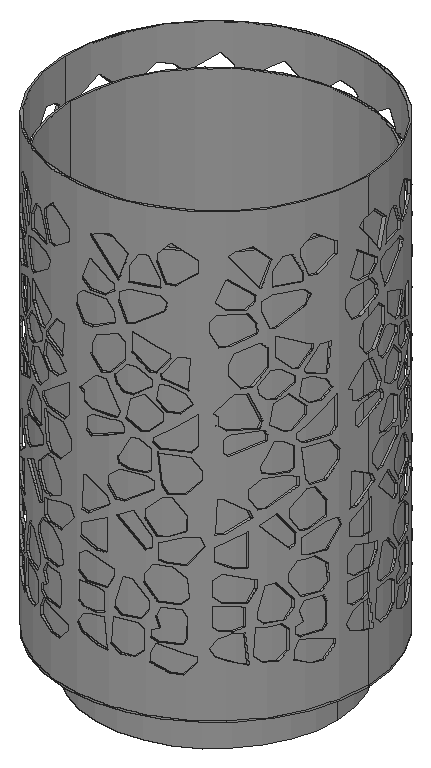
Revit family "Урна «Филигран» Арт 14824", category Антураж, Revit 2018
Family settings
  На основе рабочей плоскости = Нет
  Всегда вертикально = Да
  При загрузке вырезать с полостями = Нет
  Источник визуального образа = Геометрия семейства
  Общий = Нет
  Точка расчета площади = Нет
Parameters (values of type "Урна «Филигран»")
  Ширина = 400 mm  # constant formula
  Цвет урны = Сталь
  Цвет контейнера = Нержавеющая сталь
  Описание = "Урна «Филигран»"  # constant formula
  Материал изделия = "Сталь"  # constant formula
  Изображение типоразмера = Урна «Филигран» Арт 14824.jpg
  Изготовитель = "ООО «Хоббика»"  # constant formula
  Длина = 400 mm  # constant formula
  Диаметр = 320 mm  # constant formula
  Группа модели = "Уличные урны"  # constant formula
  Высота = 651 mm  # constant formula
  Артикул товара = "Арт. 14824"  # constant formula
  URL = "https://hobbyka.ru/product/urna_filigran/"
Reference planes
  plane 1 "По центру (Вперед/Назад)": y = 0
  plane 2: z = 0
  plane 3 "По центру (Влево/Вправо)": x = 0
  plane 4: y = 400
  plane 5: x = 400
  plane 6: z = 651
Forms (mm)
  Extrusion 1, solid, material "Сталь" <- "Цвет урны"
    sketch origin (0, 0, 0) x (1, 0, 0) y (0, 1, 0)
      loop
        circle (200, 200) r 160
    from 0 to 55
  Extrusion 2, solid, material "Сталь" <- "Цвет урны"
    sketch origin (0, 0, 0) x (1, 0, 0) y (0, 1, 0)
      loop
        circle (200, 200) r 160
      loop
        circle (200, 200) r 200
    from 53 to 55
  Extrusion 3, solid, material "Сталь" <- "Цвет урны"
    sketch origin (0, 0, 0) x (1, 0, 0) y (0, 1, 0)
      loop
        circle (200, 200) r 200
      loop
        circle (200, 200) r 198
    from 55 to 651
  Extrusion 4, void
    sketch origin (0, 0, 0) x (0, 1, 0) y (0, 0, 1)
      loop
        line (330.099, 598.199) -> (324.338, 603.96) -> (309.849, 607.842) -> (292.172, 590.165) -> (302.405, 556.694) -> (330.099, 598.199)
      loop
        line (331.565, 572.199) -> (306.588, 550.486) -> (306.588, 543.012) -> (315.004, 534.595) -> (330.004, 534.595) -> (340.004, 544.595) -> (331.565, 572.199)
      loop
        line (271.997, 593.329) -> (259.609, 567.602) -> (259.609, 557.602) -> (291.997, 557.602) -> (291.997, 576.008) -> (281.997, 593.329) -> (271.997, 593.329)
      loop
        line (263.865, 596.784) -> (249.084, 611.564) -> (221.005, 593.329) -> (221.005, 578.329) -> (244.52, 562.638) -> (254.52, 562.638) -> (263.865, 588.313) -> (263.865, 596.784)
      loop
        line (338.256, 530.134) -> (314.186, 530.134) -> (305.86, 517.657) -> (304.817, 505.73) -> (327.998, 492.346) -> (337.03, 492.346) -> (344.127, 509.912) -> (344.127, 520.885) -> (338.256, 530.134)
      loop
        line (302.477, 532.576) -> (302.477, 542.782) -> (291.997, 548.832) -> (259.609, 548.832) -> (252.478, 541.701) -> (256.014, 530.134) -> (287.09, 509.399) -> (294.041, 509.399) -> (302.477, 532.576)
      loop
        line (325.379, 483.851) -> (302.909, 494.81) -> (294.817, 486.717) -> (294.817, 464.721) -> (309.862, 444.755) -> (319.71, 443.018) -> (329.953, 458.369) -> (329.953, 470.468) -> (325.379, 483.851)
      loop
        line (289.571, 501.315) -> (249.804, 481.472) -> (249.804, 476.472) -> (263.905, 457.759) -> (271.014, 457.759) -> (289.571, 476.315) -> (289.571, 501.315)
      loop
        line (293.8, 460.671) -> (283.8, 460.671) -> (267.828, 448.635) -> (267.828, 440.724) -> (287.22, 426.819) -> (297.22, 426.819) -> (304.291, 433.89) -> (306.028, 443.738) -> (293.8, 460.671)
      loop
        line (324.947, 436.426) -> (314.155, 436.426) -> (300.527, 402.695) -> (303.544, 394.405) -> (329.953, 394.405) -> (337.641, 399.957) -> (337.641, 411.353) -> (341.177, 414.888) -> (324.947, 436.426)
      loop
        line (291.517, 421.116) -> (275.661, 430.271) -> (256.558, 411.169) -> (256.558, 401.169) -> (271.42, 386.307) -> (279.987, 386.307) -> (294.774, 397.45) -> (291.517, 421.116)
      loop
        line (242.144, 479.142) -> (228.742, 479.142) -> (231.423, 440.807) -> (258.912, 450.813) -> (259.78, 455.737) -> (242.144, 479.142)
      loop
        line (262.222, 444.581) -> (250.875, 444.581) -> (234.533, 436.426) -> (225.792, 424.236) -> (239.203, 413.376) -> (253.258, 413.376) -> (264.912, 425.03) -> (262.222, 444.581)
      loop
        line (328.105, 389.466) -> (304.437, 391.953) -> (299.437, 391.953) -> (296.307, 386.307) -> (296.307, 379.383) -> (329.531, 363.89) -> (334.106, 368.465) -> (334.106, 383.465) -> (328.105, 389.466)
      loop
        line (289.928, 376.462) -> (281.265, 376.462) -> (269.104, 367.68) -> (269.104, 341.458) -> (274.563, 338.432) -> (291.767, 338.432) -> (302.363, 342.289) -> (303.116, 349.45) -> (289.928, 376.462)
      loop
        line (313.565, 313.251) -> (313.565, 323.629) -> (301.654, 335.54) -> (276.654, 335.54) -> (265.371, 330.031) -> (265.371, 320.031) -> (296.307, 299.941) -> (304.921, 299.941) -> (313.565, 313.251)
      loop
        line (334.355, 315.121) -> (313.333, 299.941) -> (309.912, 290.544) -> (332.16, 272.528) -> (339.736, 273.191) -> (338.272, 315.121) -> (334.355, 315.121)
      loop
        line (304.364, 280.985) -> (287.591, 291.877) -> (267.876, 264.742) -> (267.876, 252.15) -> (274.675, 248.381) -> (304.364, 280.985)
      loop
        line (340.864, 257.281) -> (313.565, 275.01) -> (313.565, 232.674) -> (324.051, 232.674) -> (340.864, 240.883) -> (340.864, 257.281)
      loop
        line (342.301, 219.272) -> (334.106, 227.467) -> (305.915, 217.206) -> (305.915, 207.206) -> (313.565, 191.538) -> (334.106, 191.538) -> (342.301, 199.734) -> (342.301, 219.272)
      loop
        line (221.038, 414.488) -> (221.038, 375.648) -> (228.109, 368.577) -> (260.467, 368.577) -> (267.828, 375.938) -> (267.828, 380.938) -> (221.038, 414.488)
      loop
        line (262.675, 363.36) -> (229.588, 363.36) -> (217.002, 347.817) -> (217.002, 335.54) -> (234.679, 317.862) -> (252.846, 317.862) -> (258.837, 326.841) -> (262.675, 363.36)
      loop
        line (275.915, 285.293) -> (275.915, 295.205) -> (257.452, 313.668) -> (247.452, 313.668) -> (232.758, 293.443) -> (232.758, 275.331) -> (252.499, 266.542) -> (263.738, 266.542) -> (275.915, 285.293)
      loop
        line (263.17, 238.702) -> (263.17, 258.265) -> (232.758, 269.335) -> (219.444, 269.335) -> (213.527, 258.66) -> (232.758, 235.741) -> (255.035, 235.741) -> (263.17, 238.702)
      loop
        line (342.301, 189.187) -> (322.301, 189.187) -> (316.173, 186.195) -> (316.173, 163.543) -> (325.236, 159.317) -> (336.963, 159.317) -> (342.301, 164.656) -> (342.301, 189.187)
      loop
        line (305.915, 172.132) -> (305.915, 179.069) -> (298.59, 210.798) -> (288.309, 210.798) -> (270.808, 189.187) -> (270.808, 177.916) -> (279.412, 165.629) -> (299.412, 165.629) -> (305.915, 172.132)
      loop
        line (337.821, 151.454) -> (327.999, 156.034) -> (316.173, 157.069) -> (312.888, 119.52) -> (323.106, 121.879) -> (339.663, 129.963) -> (343.889, 139.026) -> (337.821, 151.454)
      loop
        line (307.881, 161.682) -> (282.881, 161.682) -> (275.81, 154.611) -> (275.81, 129.611) -> (285.537, 119.884) -> (300.537, 119.884) -> (309.855, 129.202) -> (307.881, 161.682)
      loop
        line (276.9, 210.328) -> (276.9, 219.653) -> (267.782, 232.674) -> (247.782, 232.674) -> (232.461, 219.818) -> (230.428, 196.579) -> (239.557, 189.187) -> (263.17, 189.187) -> (276.9, 210.328)
      loop
        line (265.068, 173.096) -> (259.769, 183.949) -> (237.002, 183.949) -> (232.775, 174.886) -> (232.775, 149.886) -> (236.276, 142.717) -> (262.705, 142.717) -> (269.523, 147.492) -> (269.523, 155.165) -> (260.618, 159.317) -> (265.068, 173.096)
      loop
        line (270.808, 128.241) -> (264.729, 140.693) -> (253.788, 138.167) -> (222.145, 129.093) -> (222.145, 122.031) -> (236.288, 107.889) -> (250.456, 107.889) -> (270.808, 117.825) -> (270.808, 128.241)
    from 0 to 73.305
  Extrusion 5, void
    sketch origin (191.752, -82.722, 0) x (-0.686185, 0.727427, 0) y (0, 0, 1)
      loop
        line (330.099, 598.199) -> (324.338, 603.96) -> (309.849, 607.842) -> (292.172, 590.165) -> (302.405, 556.694) -> (330.099, 598.199)
      loop
        line (331.565, 572.199) -> (306.588, 550.486) -> (306.588, 543.012) -> (315.004, 534.595) -> (330.004, 534.595) -> (340.004, 544.595) -> (331.565, 572.199)
      loop
        line (271.997, 593.329) -> (259.609, 567.602) -> (259.609, 557.602) -> (291.997, 557.602) -> (291.997, 576.008) -> (281.997, 593.329) -> (271.997, 593.329)
      loop
        line (263.865, 596.784) -> (249.084, 611.564) -> (221.005, 593.329) -> (221.005, 578.329) -> (244.52, 562.638) -> (254.52, 562.638) -> (263.865, 588.313) -> (263.865, 596.784)
      loop
        line (338.256, 530.134) -> (314.186, 530.134) -> (305.86, 517.657) -> (304.817, 505.73) -> (327.998, 492.346) -> (337.03, 492.346) -> (344.127, 509.912) -> (344.127, 520.885) -> (338.256, 530.134)
      loop
        line (302.477, 532.576) -> (302.477, 542.782) -> (291.997, 548.832) -> (259.609, 548.832) -> (252.478, 541.701) -> (256.014, 530.134) -> (287.09, 509.399) -> (294.041, 509.399) -> (302.477, 532.576)
      loop
        line (325.379, 483.851) -> (302.909, 494.81) -> (294.817, 486.717) -> (294.817, 464.721) -> (309.862, 444.755) -> (319.71, 443.018) -> (329.953, 458.369) -> (329.953, 470.468) -> (325.379, 483.851)
      loop
        line (289.571, 501.315) -> (249.804, 481.472) -> (249.804, 476.472) -> (263.905, 457.759) -> (271.014, 457.759) -> (289.571, 476.315) -> (289.571, 501.315)
      loop
        line (293.8, 460.671) -> (283.8, 460.671) -> (267.828, 448.635) -> (267.828, 440.724) -> (287.22, 426.819) -> (297.22, 426.819) -> (304.291, 433.89) -> (306.028, 443.738) -> (293.8, 460.671)
      loop
        line (324.947, 436.426) -> (314.155, 436.426) -> (300.527, 402.695) -> (303.544, 394.405) -> (329.953, 394.405) -> (337.641, 399.957) -> (337.641, 411.353) -> (341.177, 414.888) -> (324.947, 436.426)
      loop
        line (291.517, 421.116) -> (275.661, 430.271) -> (256.558, 411.169) -> (256.558, 401.169) -> (271.42, 386.307) -> (279.987, 386.307) -> (294.774, 397.45) -> (291.517, 421.116)
      loop
        line (242.144, 479.142) -> (228.742, 479.142) -> (231.423, 440.807) -> (258.912, 450.813) -> (259.78, 455.737) -> (242.144, 479.142)
      loop
        line (262.222, 444.581) -> (250.875, 444.581) -> (234.533, 436.426) -> (225.792, 424.236) -> (239.203, 413.376) -> (253.258, 413.376) -> (264.912, 425.03) -> (262.222, 444.581)
      loop
        line (328.105, 389.466) -> (304.437, 391.953) -> (299.437, 391.953) -> (296.307, 386.307) -> (296.307, 379.383) -> (329.531, 363.89) -> (334.106, 368.465) -> (334.106, 383.465) -> (328.105, 389.466)
      loop
        line (289.928, 376.462) -> (281.265, 376.462) -> (269.104, 367.68) -> (269.104, 341.458) -> (274.563, 338.432) -> (291.767, 338.432) -> (302.363, 342.289) -> (303.116, 349.45) -> (289.928, 376.462)
      loop
        line (313.565, 313.251) -> (313.565, 323.629) -> (301.654, 335.54) -> (276.654, 335.54) -> (265.371, 330.031) -> (265.371, 320.031) -> (296.307, 299.941) -> (304.921, 299.941) -> (313.565, 313.251)
      loop
        line (334.355, 315.121) -> (313.333, 299.941) -> (309.912, 290.544) -> (332.16, 272.528) -> (339.736, 273.191) -> (338.272, 315.121) -> (334.355, 315.121)
      loop
        line (304.364, 280.985) -> (287.591, 291.877) -> (267.876, 264.742) -> (267.876, 252.15) -> (274.675, 248.381) -> (304.364, 280.985)
      loop
        line (340.864, 257.281) -> (313.565, 275.01) -> (313.565, 232.674) -> (324.051, 232.674) -> (340.864, 240.883) -> (340.864, 257.281)
      loop
        line (342.301, 219.272) -> (334.106, 227.467) -> (305.915, 217.206) -> (305.915, 207.206) -> (313.565, 191.538) -> (334.106, 191.538) -> (342.301, 199.734) -> (342.301, 219.272)
      loop
        line (221.038, 414.488) -> (221.038, 375.648) -> (228.109, 368.577) -> (260.467, 368.577) -> (267.828, 375.938) -> (267.828, 380.938) -> (221.038, 414.488)
      loop
        line (262.675, 363.36) -> (229.588, 363.36) -> (217.002, 347.817) -> (217.002, 335.54) -> (234.679, 317.862) -> (252.846, 317.862) -> (258.837, 326.841) -> (262.675, 363.36)
      loop
        line (275.915, 285.293) -> (275.915, 295.205) -> (257.452, 313.668) -> (247.452, 313.668) -> (232.758, 293.443) -> (232.758, 275.331) -> (252.499, 266.542) -> (263.738, 266.542) -> (275.915, 285.293)
      loop
        line (263.17, 238.702) -> (263.17, 258.265) -> (232.758, 269.335) -> (219.444, 269.335) -> (213.527, 258.66) -> (232.758, 235.741) -> (255.035, 235.741) -> (263.17, 238.702)
      loop
        line (342.301, 189.187) -> (322.301, 189.187) -> (316.173, 186.195) -> (316.173, 163.543) -> (325.236, 159.317) -> (336.963, 159.317) -> (342.301, 164.656) -> (342.301, 189.187)
      loop
        line (305.915, 172.132) -> (305.915, 179.069) -> (298.59, 210.798) -> (288.309, 210.798) -> (270.808, 189.187) -> (270.808, 177.916) -> (279.412, 165.629) -> (299.412, 165.629) -> (305.915, 172.132)
      loop
        line (337.821, 151.454) -> (327.999, 156.034) -> (316.173, 157.069) -> (312.888, 119.52) -> (323.106, 121.879) -> (339.663, 129.963) -> (343.889, 139.026) -> (337.821, 151.454)
      loop
        line (307.881, 161.682) -> (282.881, 161.682) -> (275.81, 154.611) -> (275.81, 129.611) -> (285.537, 119.884) -> (300.537, 119.884) -> (309.855, 129.202) -> (307.881, 161.682)
      loop
        line (276.9, 210.328) -> (276.9, 219.653) -> (267.782, 232.674) -> (247.782, 232.674) -> (232.461, 219.818) -> (230.428, 196.579) -> (239.557, 189.187) -> (263.17, 189.187) -> (276.9, 210.328)
      loop
        line (265.068, 173.096) -> (259.769, 183.949) -> (237.002, 183.949) -> (232.775, 174.886) -> (232.775, 149.886) -> (236.276, 142.717) -> (262.705, 142.717) -> (269.523, 147.492) -> (269.523, 155.165) -> (260.618, 159.317) -> (265.068, 173.096)
      loop
        line (270.808, 128.241) -> (264.729, 140.693) -> (253.788, 138.167) -> (222.145, 129.093) -> (222.145, 122.031) -> (236.288, 107.889) -> (250.456, 107.889) -> (270.808, 117.825) -> (270.808, 128.241)
    from 0 to 73.305
  Extrusion 6, void
    sketch origin (387.049, -12.162, 0) x (-0.998027, 0.062781, 0) y (0, 0, 1)
      loop
        line (330.099, 598.199) -> (324.338, 603.96) -> (309.849, 607.842) -> (292.172, 590.165) -> (302.405, 556.694) -> (330.099, 598.199)
      loop
        line (331.565, 572.199) -> (306.588, 550.486) -> (306.588, 543.012) -> (315.004, 534.595) -> (330.004, 534.595) -> (340.004, 544.595) -> (331.565, 572.199)
      loop
        line (271.997, 593.329) -> (259.609, 567.602) -> (259.609, 557.602) -> (291.997, 557.602) -> (291.997, 576.008) -> (281.997, 593.329) -> (271.997, 593.329)
      loop
        line (263.865, 596.784) -> (249.084, 611.564) -> (221.005, 593.329) -> (221.005, 578.329) -> (244.52, 562.638) -> (254.52, 562.638) -> (263.865, 588.313) -> (263.865, 596.784)
      loop
        line (338.256, 530.134) -> (314.186, 530.134) -> (305.86, 517.657) -> (304.817, 505.73) -> (327.998, 492.346) -> (337.03, 492.346) -> (344.127, 509.912) -> (344.127, 520.885) -> (338.256, 530.134)
      loop
        line (302.477, 532.576) -> (302.477, 542.782) -> (291.997, 548.832) -> (259.609, 548.832) -> (252.478, 541.701) -> (256.014, 530.134) -> (287.09, 509.399) -> (294.041, 509.399) -> (302.477, 532.576)
      loop
        line (325.379, 483.851) -> (302.909, 494.81) -> (294.817, 486.717) -> (294.817, 464.721) -> (309.862, 444.755) -> (319.71, 443.018) -> (329.953, 458.369) -> (329.953, 470.468) -> (325.379, 483.851)
      loop
        line (289.571, 501.315) -> (249.804, 481.472) -> (249.804, 476.472) -> (263.905, 457.759) -> (271.014, 457.759) -> (289.571, 476.315) -> (289.571, 501.315)
      loop
        line (293.8, 460.671) -> (283.8, 460.671) -> (267.828, 448.635) -> (267.828, 440.724) -> (287.22, 426.819) -> (297.22, 426.819) -> (304.291, 433.89) -> (306.028, 443.738) -> (293.8, 460.671)
      loop
        line (324.947, 436.426) -> (314.155, 436.426) -> (300.527, 402.695) -> (303.544, 394.405) -> (329.953, 394.405) -> (337.641, 399.957) -> (337.641, 411.353) -> (341.177, 414.888) -> (324.947, 436.426)
      loop
        line (291.517, 421.116) -> (275.661, 430.271) -> (256.558, 411.169) -> (256.558, 401.169) -> (271.42, 386.307) -> (279.987, 386.307) -> (294.774, 397.45) -> (291.517, 421.116)
      loop
        line (242.144, 479.142) -> (228.742, 479.142) -> (231.423, 440.807) -> (258.912, 450.813) -> (259.78, 455.737) -> (242.144, 479.142)
      loop
        line (262.222, 444.581) -> (250.875, 444.581) -> (234.533, 436.426) -> (225.792, 424.236) -> (239.203, 413.376) -> (253.258, 413.376) -> (264.912, 425.03) -> (262.222, 444.581)
      loop
        line (328.105, 389.466) -> (304.437, 391.953) -> (299.437, 391.953) -> (296.307, 386.307) -> (296.307, 379.383) -> (329.531, 363.89) -> (334.106, 368.465) -> (334.106, 383.465) -> (328.105, 389.466)
      loop
        line (289.928, 376.462) -> (281.265, 376.462) -> (269.104, 367.68) -> (269.104, 341.458) -> (274.563, 338.432) -> (291.767, 338.432) -> (302.363, 342.289) -> (303.116, 349.45) -> (289.928, 376.462)
      loop
        line (313.565, 313.251) -> (313.565, 323.629) -> (301.654, 335.54) -> (276.654, 335.54) -> (265.371, 330.031) -> (265.371, 320.031) -> (296.307, 299.941) -> (304.921, 299.941) -> (313.565, 313.251)
      loop
        line (334.355, 315.121) -> (313.333, 299.941) -> (309.912, 290.544) -> (332.16, 272.528) -> (339.736, 273.191) -> (338.272, 315.121) -> (334.355, 315.121)
      loop
        line (304.364, 280.985) -> (287.591, 291.877) -> (267.876, 264.742) -> (267.876, 252.15) -> (274.675, 248.381) -> (304.364, 280.985)
      loop
        line (340.864, 257.281) -> (313.565, 275.01) -> (313.565, 232.674) -> (324.051, 232.674) -> (340.864, 240.883) -> (340.864, 257.281)
      loop
        line (342.301, 219.272) -> (334.106, 227.467) -> (305.915, 217.206) -> (305.915, 207.206) -> (313.565, 191.538) -> (334.106, 191.538) -> (342.301, 199.734) -> (342.301, 219.272)
      loop
        line (221.038, 414.488) -> (221.038, 375.648) -> (228.109, 368.577) -> (260.467, 368.577) -> (267.828, 375.938) -> (267.828, 380.938) -> (221.038, 414.488)
      loop
        line (262.675, 363.36) -> (229.588, 363.36) -> (217.002, 347.817) -> (217.002, 335.54) -> (234.679, 317.862) -> (252.846, 317.862) -> (258.837, 326.841) -> (262.675, 363.36)
      loop
        line (275.915, 285.293) -> (275.915, 295.205) -> (257.452, 313.668) -> (247.452, 313.668) -> (232.758, 293.443) -> (232.758, 275.331) -> (252.499, 266.542) -> (263.738, 266.542) -> (275.915, 285.293)
      loop
        line (263.17, 238.702) -> (263.17, 258.265) -> (232.758, 269.335) -> (219.444, 269.335) -> (213.527, 258.66) -> (232.758, 235.741) -> (255.035, 235.741) -> (263.17, 238.702)
      loop
        line (342.301, 189.187) -> (322.301, 189.187) -> (316.173, 186.195) -> (316.173, 163.543) -> (325.236, 159.317) -> (336.963, 159.317) -> (342.301, 164.656) -> (342.301, 189.187)
      loop
        line (305.915, 172.132) -> (305.915, 179.069) -> (298.59, 210.798) -> (288.309, 210.798) -> (270.808, 189.187) -> (270.808, 177.916) -> (279.412, 165.629) -> (299.412, 165.629) -> (305.915, 172.132)
      loop
        line (337.821, 151.454) -> (327.999, 156.034) -> (316.173, 157.069) -> (312.888, 119.52) -> (323.106, 121.879) -> (339.663, 129.963) -> (343.889, 139.026) -> (337.821, 151.454)
      loop
        line (307.881, 161.682) -> (282.881, 161.682) -> (275.81, 154.611) -> (275.81, 129.611) -> (285.537, 119.884) -> (300.537, 119.884) -> (309.855, 129.202) -> (307.881, 161.682)
      loop
        line (276.9, 210.328) -> (276.9, 219.653) -> (267.782, 232.674) -> (247.782, 232.674) -> (232.461, 219.818) -> (230.428, 196.579) -> (239.557, 189.187) -> (263.17, 189.187) -> (276.9, 210.328)
      loop
        line (265.068, 173.096) -> (259.769, 183.949) -> (237.002, 183.949) -> (232.775, 174.886) -> (232.775, 149.886) -> (236.276, 142.717) -> (262.705, 142.717) -> (269.523, 147.492) -> (269.523, 155.165) -> (260.618, 159.317) -> (265.068, 173.096)
      loop
        line (270.808, 128.241) -> (264.729, 140.693) -> (253.788, 138.167) -> (222.145, 129.093) -> (222.145, 122.031) -> (236.288, 107.889) -> (250.456, 107.889) -> (270.808, 117.825) -> (270.808, 128.241)
    from 0 to 73.305
  Extrusion 7, void
    sketch origin (481.647, 174.018, 0) x (-0.769071, -0.639163, 0) y (0, 0, 1)
      loop
        line (330.099, 598.199) -> (324.338, 603.96) -> (309.849, 607.842) -> (292.172, 590.165) -> (302.405, 556.694) -> (330.099, 598.199)
      loop
        line (331.565, 572.199) -> (306.588, 550.486) -> (306.588, 543.012) -> (315.004, 534.595) -> (330.004, 534.595) -> (340.004, 544.595) -> (331.565, 572.199)
      loop
        line (271.997, 593.329) -> (259.609, 567.602) -> (259.609, 557.602) -> (291.997, 557.602) -> (291.997, 576.008) -> (281.997, 593.329) -> (271.997, 593.329)
      loop
        line (263.865, 596.784) -> (249.084, 611.564) -> (221.005, 593.329) -> (221.005, 578.329) -> (244.52, 562.638) -> (254.52, 562.638) -> (263.865, 588.313) -> (263.865, 596.784)
      loop
        line (338.256, 530.134) -> (314.186, 530.134) -> (305.86, 517.657) -> (304.817, 505.73) -> (327.998, 492.346) -> (337.03, 492.346) -> (344.127, 509.912) -> (344.127, 520.885) -> (338.256, 530.134)
      loop
        line (302.477, 532.576) -> (302.477, 542.782) -> (291.997, 548.832) -> (259.609, 548.832) -> (252.478, 541.701) -> (256.014, 530.134) -> (287.09, 509.399) -> (294.041, 509.399) -> (302.477, 532.576)
      loop
        line (325.379, 483.851) -> (302.909, 494.81) -> (294.817, 486.717) -> (294.817, 464.721) -> (309.862, 444.755) -> (319.71, 443.018) -> (329.953, 458.369) -> (329.953, 470.468) -> (325.379, 483.851)
      loop
        line (289.571, 501.315) -> (249.804, 481.472) -> (249.804, 476.472) -> (263.905, 457.759) -> (271.014, 457.759) -> (289.571, 476.315) -> (289.571, 501.315)
      loop
        line (293.8, 460.671) -> (283.8, 460.671) -> (267.828, 448.635) -> (267.828, 440.724) -> (287.22, 426.819) -> (297.22, 426.819) -> (304.291, 433.89) -> (306.028, 443.738) -> (293.8, 460.671)
      loop
        line (324.947, 436.426) -> (314.155, 436.426) -> (300.527, 402.695) -> (303.544, 394.405) -> (329.953, 394.405) -> (337.641, 399.957) -> (337.641, 411.353) -> (341.177, 414.888) -> (324.947, 436.426)
      loop
        line (291.517, 421.116) -> (275.661, 430.271) -> (256.558, 411.169) -> (256.558, 401.169) -> (271.42, 386.307) -> (279.987, 386.307) -> (294.774, 397.45) -> (291.517, 421.116)
      loop
        line (242.144, 479.142) -> (228.742, 479.142) -> (231.423, 440.807) -> (258.912, 450.813) -> (259.78, 455.737) -> (242.144, 479.142)
      loop
        line (262.222, 444.581) -> (250.875, 444.581) -> (234.533, 436.426) -> (225.792, 424.236) -> (239.203, 413.376) -> (253.258, 413.376) -> (264.912, 425.03) -> (262.222, 444.581)
      loop
        line (328.105, 389.466) -> (304.437, 391.953) -> (299.437, 391.953) -> (296.307, 386.307) -> (296.307, 379.383) -> (329.531, 363.89) -> (334.106, 368.465) -> (334.106, 383.465) -> (328.105, 389.466)
      loop
        line (289.928, 376.462) -> (281.265, 376.462) -> (269.104, 367.68) -> (269.104, 341.458) -> (274.563, 338.432) -> (291.767, 338.432) -> (302.363, 342.289) -> (303.116, 349.45) -> (289.928, 376.462)
      loop
        line (313.565, 313.251) -> (313.565, 323.629) -> (301.654, 335.54) -> (276.654, 335.54) -> (265.371, 330.031) -> (265.371, 320.031) -> (296.307, 299.941) -> (304.921, 299.941) -> (313.565, 313.251)
      loop
        line (334.355, 315.121) -> (313.333, 299.941) -> (309.912, 290.544) -> (332.16, 272.528) -> (339.736, 273.191) -> (338.272, 315.121) -> (334.355, 315.121)
      loop
        line (304.364, 280.985) -> (287.591, 291.877) -> (267.876, 264.742) -> (267.876, 252.15) -> (274.675, 248.381) -> (304.364, 280.985)
      loop
        line (340.864, 257.281) -> (313.565, 275.01) -> (313.565, 232.674) -> (324.051, 232.674) -> (340.864, 240.883) -> (340.864, 257.281)
      loop
        line (342.301, 219.272) -> (334.106, 227.467) -> (305.915, 217.206) -> (305.915, 207.206) -> (313.565, 191.538) -> (334.106, 191.538) -> (342.301, 199.734) -> (342.301, 219.272)
      loop
        line (221.038, 414.488) -> (221.038, 375.648) -> (228.109, 368.577) -> (260.467, 368.577) -> (267.828, 375.938) -> (267.828, 380.938) -> (221.038, 414.488)
      loop
        line (262.675, 363.36) -> (229.588, 363.36) -> (217.002, 347.817) -> (217.002, 335.54) -> (234.679, 317.862) -> (252.846, 317.862) -> (258.837, 326.841) -> (262.675, 363.36)
      loop
        line (275.915, 285.293) -> (275.915, 295.205) -> (257.452, 313.668) -> (247.452, 313.668) -> (232.758, 293.443) -> (232.758, 275.331) -> (252.499, 266.542) -> (263.738, 266.542) -> (275.915, 285.293)
      loop
        line (263.17, 238.702) -> (263.17, 258.265) -> (232.758, 269.335) -> (219.444, 269.335) -> (213.527, 258.66) -> (232.758, 235.741) -> (255.035, 235.741) -> (263.17, 238.702)
      loop
        line (342.301, 189.187) -> (322.301, 189.187) -> (316.173, 186.195) -> (316.173, 163.543) -> (325.236, 159.317) -> (336.963, 159.317) -> (342.301, 164.656) -> (342.301, 189.187)
      loop
        line (305.915, 172.132) -> (305.915, 179.069) -> (298.59, 210.798) -> (288.309, 210.798) -> (270.808, 189.187) -> (270.808, 177.916) -> (279.412, 165.629) -> (299.412, 165.629) -> (305.915, 172.132)
      loop
        line (337.821, 151.454) -> (327.999, 156.034) -> (316.173, 157.069) -> (312.888, 119.52) -> (323.106, 121.879) -> (339.663, 129.963) -> (343.889, 139.026) -> (337.821, 151.454)
      loop
        line (307.881, 161.682) -> (282.881, 161.682) -> (275.81, 154.611) -> (275.81, 129.611) -> (285.537, 119.884) -> (300.537, 119.884) -> (309.855, 129.202) -> (307.881, 161.682)
      loop
        line (276.9, 210.328) -> (276.9, 219.653) -> (267.782, 232.674) -> (247.782, 232.674) -> (232.461, 219.818) -> (230.428, 196.579) -> (239.557, 189.187) -> (263.17, 189.187) -> (276.9, 210.328)
      loop
        line (265.068, 173.096) -> (259.769, 183.949) -> (237.002, 183.949) -> (232.775, 174.886) -> (232.775, 149.886) -> (236.276, 142.717) -> (262.705, 142.717) -> (269.523, 147.492) -> (269.523, 155.165) -> (260.618, 159.317) -> (265.068, 173.096)
      loop
        line (270.808, 128.241) -> (264.729, 140.693) -> (253.788, 138.167) -> (222.145, 129.093) -> (222.145, 122.031) -> (236.288, 107.889) -> (250.456, 107.889) -> (270.808, 117.825) -> (270.808, 128.241)
    from 0 to 73.305
  Extrusion 8, void
    sketch origin (423.675, 373.117, 0) x (-0.126397, -0.99198, 0) y (0, 0, 1)
      loop
        line (330.099, 598.199) -> (324.338, 603.96) -> (309.849, 607.842) -> (292.172, 590.165) -> (302.405, 556.694) -> (330.099, 598.199)
      loop
        line (331.565, 572.199) -> (306.588, 550.486) -> (306.588, 543.012) -> (315.004, 534.595) -> (330.004, 534.595) -> (340.004, 544.595) -> (331.565, 572.199)
      loop
        line (271.997, 593.329) -> (259.609, 567.602) -> (259.609, 557.602) -> (291.997, 557.602) -> (291.997, 576.008) -> (281.997, 593.329) -> (271.997, 593.329)
      loop
        line (263.865, 596.784) -> (249.084, 611.564) -> (221.005, 593.329) -> (221.005, 578.329) -> (244.52, 562.638) -> (254.52, 562.638) -> (263.865, 588.313) -> (263.865, 596.784)
      loop
        line (338.256, 530.134) -> (314.186, 530.134) -> (305.86, 517.657) -> (304.817, 505.73) -> (327.998, 492.346) -> (337.03, 492.346) -> (344.127, 509.912) -> (344.127, 520.885) -> (338.256, 530.134)
      loop
        line (302.477, 532.576) -> (302.477, 542.782) -> (291.997, 548.832) -> (259.609, 548.832) -> (252.478, 541.701) -> (256.014, 530.134) -> (287.09, 509.399) -> (294.041, 509.399) -> (302.477, 532.576)
      loop
        line (325.379, 483.851) -> (302.909, 494.81) -> (294.817, 486.717) -> (294.817, 464.721) -> (309.862, 444.755) -> (319.71, 443.018) -> (329.953, 458.369) -> (329.953, 470.468) -> (325.379, 483.851)
      loop
        line (289.571, 501.315) -> (249.804, 481.472) -> (249.804, 476.472) -> (263.905, 457.759) -> (271.014, 457.759) -> (289.571, 476.315) -> (289.571, 501.315)
      loop
        line (293.8, 460.671) -> (283.8, 460.671) -> (267.828, 448.635) -> (267.828, 440.724) -> (287.22, 426.819) -> (297.22, 426.819) -> (304.291, 433.89) -> (306.028, 443.738) -> (293.8, 460.671)
      loop
        line (324.947, 436.426) -> (314.155, 436.426) -> (300.527, 402.695) -> (303.544, 394.405) -> (329.953, 394.405) -> (337.641, 399.957) -> (337.641, 411.353) -> (341.177, 414.888) -> (324.947, 436.426)
      loop
        line (291.517, 421.116) -> (275.661, 430.271) -> (256.558, 411.169) -> (256.558, 401.169) -> (271.42, 386.307) -> (279.987, 386.307) -> (294.774, 397.45) -> (291.517, 421.116)
      loop
        line (242.144, 479.142) -> (228.742, 479.142) -> (231.423, 440.807) -> (258.912, 450.813) -> (259.78, 455.737) -> (242.144, 479.142)
      loop
        line (262.222, 444.581) -> (250.875, 444.581) -> (234.533, 436.426) -> (225.792, 424.236) -> (239.203, 413.376) -> (253.258, 413.376) -> (264.912, 425.03) -> (262.222, 444.581)
      loop
        line (328.105, 389.466) -> (304.437, 391.953) -> (299.437, 391.953) -> (296.307, 386.307) -> (296.307, 379.383) -> (329.531, 363.89) -> (334.106, 368.465) -> (334.106, 383.465) -> (328.105, 389.466)
      loop
        line (289.928, 376.462) -> (281.265, 376.462) -> (269.104, 367.68) -> (269.104, 341.458) -> (274.563, 338.432) -> (291.767, 338.432) -> (302.363, 342.289) -> (303.116, 349.45) -> (289.928, 376.462)
      loop
        line (313.565, 313.251) -> (313.565, 323.629) -> (301.654, 335.54) -> (276.654, 335.54) -> (265.371, 330.031) -> (265.371, 320.031) -> (296.307, 299.941) -> (304.921, 299.941) -> (313.565, 313.251)
      loop
        line (334.355, 315.121) -> (313.333, 299.941) -> (309.912, 290.544) -> (332.16, 272.528) -> (339.736, 273.191) -> (338.272, 315.121) -> (334.355, 315.121)
      loop
        line (304.364, 280.985) -> (287.591, 291.877) -> (267.876, 264.742) -> (267.876, 252.15) -> (274.675, 248.381) -> (304.364, 280.985)
      loop
        line (340.864, 257.281) -> (313.565, 275.01) -> (313.565, 232.674) -> (324.051, 232.674) -> (340.864, 240.883) -> (340.864, 257.281)
      loop
        line (342.301, 219.272) -> (334.106, 227.467) -> (305.915, 217.206) -> (305.915, 207.206) -> (313.565, 191.538) -> (334.106, 191.538) -> (342.301, 199.734) -> (342.301, 219.272)
      loop
        line (221.038, 414.488) -> (221.038, 375.648) -> (228.109, 368.577) -> (260.467, 368.577) -> (267.828, 375.938) -> (267.828, 380.938) -> (221.038, 414.488)
      loop
        line (262.675, 363.36) -> (229.588, 363.36) -> (217.002, 347.817) -> (217.002, 335.54) -> (234.679, 317.862) -> (252.846, 317.862) -> (258.837, 326.841) -> (262.675, 363.36)
      loop
        line (275.915, 285.293) -> (275.915, 295.205) -> (257.452, 313.668) -> (247.452, 313.668) -> (232.758, 293.443) -> (232.758, 275.331) -> (252.499, 266.542) -> (263.738, 266.542) -> (275.915, 285.293)
      loop
        line (263.17, 238.702) -> (263.17, 258.265) -> (232.758, 269.335) -> (219.444, 269.335) -> (213.527, 258.66) -> (232.758, 235.741) -> (255.035, 235.741) -> (263.17, 238.702)
      loop
        line (342.301, 189.187) -> (322.301, 189.187) -> (316.173, 186.195) -> (316.173, 163.543) -> (325.236, 159.317) -> (336.963, 159.317) -> (342.301, 164.656) -> (342.301, 189.187)
      loop
        line (305.915, 172.132) -> (305.915, 179.069) -> (298.59, 210.798) -> (288.309, 210.798) -> (270.808, 189.187) -> (270.808, 177.916) -> (279.412, 165.629) -> (299.412, 165.629) -> (305.915, 172.132)
      loop
        line (337.821, 151.454) -> (327.999, 156.034) -> (316.173, 157.069) -> (312.888, 119.52) -> (323.106, 121.879) -> (339.663, 129.963) -> (343.889, 139.026) -> (337.821, 151.454)
      loop
        line (307.881, 161.682) -> (282.881, 161.682) -> (275.81, 154.611) -> (275.81, 129.611) -> (285.537, 119.884) -> (300.537, 119.884) -> (309.855, 129.202) -> (307.881, 161.682)
      loop
        line (276.9, 210.328) -> (276.9, 219.653) -> (267.782, 232.674) -> (247.782, 232.674) -> (232.461, 219.818) -> (230.428, 196.579) -> (239.557, 189.187) -> (263.17, 189.187) -> (276.9, 210.328)
      loop
        line (265.068, 173.096) -> (259.769, 183.949) -> (237.002, 183.949) -> (232.775, 174.886) -> (232.775, 149.886) -> (236.276, 142.717) -> (262.705, 142.717) -> (269.523, 147.492) -> (269.523, 155.165) -> (260.618, 159.317) -> (265.068, 173.096)
      loop
        line (270.808, 128.241) -> (264.729, 140.693) -> (253.788, 138.167) -> (222.145, 129.093) -> (222.145, 122.031) -> (236.288, 107.889) -> (250.456, 107.889) -> (270.808, 117.825) -> (270.808, 128.241)
    from 0 to 73.305
  Extrusion 9, void
    sketch origin (243.918, 479.412, 0) x (0.588737, -0.808325, 0) y (0, 0, 1)
      loop
        line (330.099, 598.199) -> (324.338, 603.96) -> (309.849, 607.842) -> (292.172, 590.165) -> (302.405, 556.694) -> (330.099, 598.199)
      loop
        line (331.565, 572.199) -> (306.588, 550.486) -> (306.588, 543.012) -> (315.004, 534.595) -> (330.004, 534.595) -> (340.004, 544.595) -> (331.565, 572.199)
      loop
        line (271.997, 593.329) -> (259.609, 567.602) -> (259.609, 557.602) -> (291.997, 557.602) -> (291.997, 576.008) -> (281.997, 593.329) -> (271.997, 593.329)
      loop
        line (263.865, 596.784) -> (249.084, 611.564) -> (221.005, 593.329) -> (221.005, 578.329) -> (244.52, 562.638) -> (254.52, 562.638) -> (263.865, 588.313) -> (263.865, 596.784)
      loop
        line (338.256, 530.134) -> (314.186, 530.134) -> (305.86, 517.657) -> (304.817, 505.73) -> (327.998, 492.346) -> (337.03, 492.346) -> (344.127, 509.912) -> (344.127, 520.885) -> (338.256, 530.134)
      loop
        line (302.477, 532.576) -> (302.477, 542.782) -> (291.997, 548.832) -> (259.609, 548.832) -> (252.478, 541.701) -> (256.014, 530.134) -> (287.09, 509.399) -> (294.041, 509.399) -> (302.477, 532.576)
      loop
        line (325.379, 483.851) -> (302.909, 494.81) -> (294.817, 486.717) -> (294.817, 464.721) -> (309.862, 444.755) -> (319.71, 443.018) -> (329.953, 458.369) -> (329.953, 470.468) -> (325.379, 483.851)
      loop
        line (289.571, 501.315) -> (249.804, 481.472) -> (249.804, 476.472) -> (263.905, 457.759) -> (271.014, 457.759) -> (289.571, 476.315) -> (289.571, 501.315)
      loop
        line (293.8, 460.671) -> (283.8, 460.671) -> (267.828, 448.635) -> (267.828, 440.724) -> (287.22, 426.819) -> (297.22, 426.819) -> (304.291, 433.89) -> (306.028, 443.738) -> (293.8, 460.671)
      loop
        line (324.947, 436.426) -> (314.155, 436.426) -> (300.527, 402.695) -> (303.544, 394.405) -> (329.953, 394.405) -> (337.641, 399.957) -> (337.641, 411.353) -> (341.177, 414.888) -> (324.947, 436.426)
      loop
        line (291.517, 421.116) -> (275.661, 430.271) -> (256.558, 411.169) -> (256.558, 401.169) -> (271.42, 386.307) -> (279.987, 386.307) -> (294.774, 397.45) -> (291.517, 421.116)
      loop
        line (242.144, 479.142) -> (228.742, 479.142) -> (231.423, 440.807) -> (258.912, 450.813) -> (259.78, 455.737) -> (242.144, 479.142)
      loop
        line (262.222, 444.581) -> (250.875, 444.581) -> (234.533, 436.426) -> (225.792, 424.236) -> (239.203, 413.376) -> (253.258, 413.376) -> (264.912, 425.03) -> (262.222, 444.581)
      loop
        line (328.105, 389.466) -> (304.437, 391.953) -> (299.437, 391.953) -> (296.307, 386.307) -> (296.307, 379.383) -> (329.531, 363.89) -> (334.106, 368.465) -> (334.106, 383.465) -> (328.105, 389.466)
      loop
        line (289.928, 376.462) -> (281.265, 376.462) -> (269.104, 367.68) -> (269.104, 341.458) -> (274.563, 338.432) -> (291.767, 338.432) -> (302.363, 342.289) -> (303.116, 349.45) -> (289.928, 376.462)
      loop
        line (313.565, 313.251) -> (313.565, 323.629) -> (301.654, 335.54) -> (276.654, 335.54) -> (265.371, 330.031) -> (265.371, 320.031) -> (296.307, 299.941) -> (304.921, 299.941) -> (313.565, 313.251)
      loop
        line (334.355, 315.121) -> (313.333, 299.941) -> (309.912, 290.544) -> (332.16, 272.528) -> (339.736, 273.191) -> (338.272, 315.121) -> (334.355, 315.121)
      loop
        line (304.364, 280.985) -> (287.591, 291.877) -> (267.876, 264.742) -> (267.876, 252.15) -> (274.675, 248.381) -> (304.364, 280.985)
      loop
        line (340.864, 257.281) -> (313.565, 275.01) -> (313.565, 232.674) -> (324.051, 232.674) -> (340.864, 240.883) -> (340.864, 257.281)
      loop
        line (342.301, 219.272) -> (334.106, 227.467) -> (305.915, 217.206) -> (305.915, 207.206) -> (313.565, 191.538) -> (334.106, 191.538) -> (342.301, 199.734) -> (342.301, 219.272)
      loop
        line (221.038, 414.488) -> (221.038, 375.648) -> (228.109, 368.577) -> (260.467, 368.577) -> (267.828, 375.938) -> (267.828, 380.938) -> (221.038, 414.488)
      loop
        line (262.675, 363.36) -> (229.588, 363.36) -> (217.002, 347.817) -> (217.002, 335.54) -> (234.679, 317.862) -> (252.846, 317.862) -> (258.837, 326.841) -> (262.675, 363.36)
      loop
        line (275.915, 285.293) -> (275.915, 295.205) -> (257.452, 313.668) -> (247.452, 313.668) -> (232.758, 293.443) -> (232.758, 275.331) -> (252.499, 266.542) -> (263.738, 266.542) -> (275.915, 285.293)
      loop
        line (263.17, 238.702) -> (263.17, 258.265) -> (232.758, 269.335) -> (219.444, 269.335) -> (213.527, 258.66) -> (232.758, 235.741) -> (255.035, 235.741) -> (263.17, 238.702)
      loop
        line (342.301, 189.187) -> (322.301, 189.187) -> (316.173, 186.195) -> (316.173, 163.543) -> (325.236, 159.317) -> (336.963, 159.317) -> (342.301, 164.656) -> (342.301, 189.187)
      loop
        line (305.915, 172.132) -> (305.915, 179.069) -> (298.59, 210.798) -> (288.309, 210.798) -> (270.808, 189.187) -> (270.808, 177.916) -> (279.412, 165.629) -> (299.412, 165.629) -> (305.915, 172.132)
      loop
        line (337.821, 151.454) -> (327.999, 156.034) -> (316.173, 157.069) -> (312.888, 119.52) -> (323.106, 121.879) -> (339.663, 129.963) -> (343.889, 139.026) -> (337.821, 151.454)
      loop
        line (307.881, 161.682) -> (282.881, 161.682) -> (275.81, 154.611) -> (275.81, 129.611) -> (285.537, 119.884) -> (300.537, 119.884) -> (309.855, 129.202) -> (307.881, 161.682)
      loop
        line (276.9, 210.328) -> (276.9, 219.653) -> (267.782, 232.674) -> (247.782, 232.674) -> (232.461, 219.818) -> (230.428, 196.579) -> (239.557, 189.187) -> (263.17, 189.187) -> (276.9, 210.328)
      loop
        line (265.068, 173.096) -> (259.769, 183.949) -> (237.002, 183.949) -> (232.775, 174.886) -> (232.775, 149.886) -> (236.276, 142.717) -> (262.705, 142.717) -> (269.523, 147.492) -> (269.523, 155.165) -> (260.618, 159.317) -> (265.068, 173.096)
      loop
        line (270.808, 128.241) -> (264.729, 140.693) -> (253.788, 138.167) -> (222.145, 129.093) -> (222.145, 122.031) -> (236.288, 107.889) -> (250.456, 107.889) -> (270.808, 117.825) -> (270.808, 128.241)
    from 0 to 73.305
  Extrusion 10, void
    sketch origin (41.949, 434.563, 0) x (0.981535, -0.191281, 0) y (0, 0, 1)
      loop
        line (330.099, 598.199) -> (324.338, 603.96) -> (309.849, 607.842) -> (292.172, 590.165) -> (302.405, 556.694) -> (330.099, 598.199)
      loop
        line (331.565, 572.199) -> (306.588, 550.486) -> (306.588, 543.012) -> (315.004, 534.595) -> (330.004, 534.595) -> (340.004, 544.595) -> (331.565, 572.199)
      loop
        line (271.997, 593.329) -> (259.609, 567.602) -> (259.609, 557.602) -> (291.997, 557.602) -> (291.997, 576.008) -> (281.997, 593.329) -> (271.997, 593.329)
      loop
        line (263.865, 596.784) -> (249.084, 611.564) -> (221.005, 593.329) -> (221.005, 578.329) -> (244.52, 562.638) -> (254.52, 562.638) -> (263.865, 588.313) -> (263.865, 596.784)
      loop
        line (338.256, 530.134) -> (314.186, 530.134) -> (305.86, 517.657) -> (304.817, 505.73) -> (327.998, 492.346) -> (337.03, 492.346) -> (344.127, 509.912) -> (344.127, 520.885) -> (338.256, 530.134)
      loop
        line (302.477, 532.576) -> (302.477, 542.782) -> (291.997, 548.832) -> (259.609, 548.832) -> (252.478, 541.701) -> (256.014, 530.134) -> (287.09, 509.399) -> (294.041, 509.399) -> (302.477, 532.576)
      loop
        line (325.379, 483.851) -> (302.909, 494.81) -> (294.817, 486.717) -> (294.817, 464.721) -> (309.862, 444.755) -> (319.71, 443.018) -> (329.953, 458.369) -> (329.953, 470.468) -> (325.379, 483.851)
      loop
        line (289.571, 501.315) -> (249.804, 481.472) -> (249.804, 476.472) -> (263.905, 457.759) -> (271.014, 457.759) -> (289.571, 476.315) -> (289.571, 501.315)
      loop
        line (293.8, 460.671) -> (283.8, 460.671) -> (267.828, 448.635) -> (267.828, 440.724) -> (287.22, 426.819) -> (297.22, 426.819) -> (304.291, 433.89) -> (306.028, 443.738) -> (293.8, 460.671)
      loop
        line (324.947, 436.426) -> (314.155, 436.426) -> (300.527, 402.695) -> (303.544, 394.405) -> (329.953, 394.405) -> (337.641, 399.957) -> (337.641, 411.353) -> (341.177, 414.888) -> (324.947, 436.426)
      loop
        line (291.517, 421.116) -> (275.661, 430.271) -> (256.558, 411.169) -> (256.558, 401.169) -> (271.42, 386.307) -> (279.987, 386.307) -> (294.774, 397.45) -> (291.517, 421.116)
      loop
        line (242.144, 479.142) -> (228.742, 479.142) -> (231.423, 440.807) -> (258.912, 450.813) -> (259.78, 455.737) -> (242.144, 479.142)
      loop
        line (262.222, 444.581) -> (250.875, 444.581) -> (234.533, 436.426) -> (225.792, 424.236) -> (239.203, 413.376) -> (253.258, 413.376) -> (264.912, 425.03) -> (262.222, 444.581)
      loop
        line (328.105, 389.466) -> (304.437, 391.953) -> (299.437, 391.953) -> (296.307, 386.307) -> (296.307, 379.383) -> (329.531, 363.89) -> (334.106, 368.465) -> (334.106, 383.465) -> (328.105, 389.466)
      loop
        line (289.928, 376.462) -> (281.265, 376.462) -> (269.104, 367.68) -> (269.104, 341.458) -> (274.563, 338.432) -> (291.767, 338.432) -> (302.363, 342.289) -> (303.116, 349.45) -> (289.928, 376.462)
      loop
        line (313.565, 313.251) -> (313.565, 323.629) -> (301.654, 335.54) -> (276.654, 335.54) -> (265.371, 330.031) -> (265.371, 320.031) -> (296.307, 299.941) -> (304.921, 299.941) -> (313.565, 313.251)
      loop
        line (334.355, 315.121) -> (313.333, 299.941) -> (309.912, 290.544) -> (332.16, 272.528) -> (339.736, 273.191) -> (338.272, 315.121) -> (334.355, 315.121)
      loop
        line (304.364, 280.985) -> (287.591, 291.877) -> (267.876, 264.742) -> (267.876, 252.15) -> (274.675, 248.381) -> (304.364, 280.985)
      loop
        line (340.864, 257.281) -> (313.565, 275.01) -> (313.565, 232.674) -> (324.051, 232.674) -> (340.864, 240.883) -> (340.864, 257.281)
      loop
        line (342.301, 219.272) -> (334.106, 227.467) -> (305.915, 217.206) -> (305.915, 207.206) -> (313.565, 191.538) -> (334.106, 191.538) -> (342.301, 199.734) -> (342.301, 219.272)
      loop
        line (221.038, 414.488) -> (221.038, 375.648) -> (228.109, 368.577) -> (260.467, 368.577) -> (267.828, 375.938) -> (267.828, 380.938) -> (221.038, 414.488)
      loop
        line (262.675, 363.36) -> (229.588, 363.36) -> (217.002, 347.817) -> (217.002, 335.54) -> (234.679, 317.862) -> (252.846, 317.862) -> (258.837, 326.841) -> (262.675, 363.36)
      loop
        line (275.915, 285.293) -> (275.915, 295.205) -> (257.452, 313.668) -> (247.452, 313.668) -> (232.758, 293.443) -> (232.758, 275.331) -> (252.499, 266.542) -> (263.738, 266.542) -> (275.915, 285.293)
      loop
        line (263.17, 238.702) -> (263.17, 258.265) -> (232.758, 269.335) -> (219.444, 269.335) -> (213.527, 258.66) -> (232.758, 235.741) -> (255.035, 235.741) -> (263.17, 238.702)
      loop
        line (342.301, 189.187) -> (322.301, 189.187) -> (316.173, 186.195) -> (316.173, 163.543) -> (325.236, 159.317) -> (336.963, 159.317) -> (342.301, 164.656) -> (342.301, 189.187)
      loop
        line (305.915, 172.132) -> (305.915, 179.069) -> (298.59, 210.798) -> (288.309, 210.798) -> (270.808, 189.187) -> (270.808, 177.916) -> (279.412, 165.629) -> (299.412, 165.629) -> (305.915, 172.132)
      loop
        line (337.821, 151.454) -> (327.999, 156.034) -> (316.173, 157.069) -> (312.888, 119.52) -> (323.106, 121.879) -> (339.663, 129.963) -> (343.889, 139.026) -> (337.821, 151.454)
      loop
        line (307.881, 161.682) -> (282.881, 161.682) -> (275.81, 154.611) -> (275.81, 129.611) -> (285.537, 119.884) -> (300.537, 119.884) -> (309.855, 129.202) -> (307.881, 161.682)
      loop
        line (276.9, 210.328) -> (276.9, 219.653) -> (267.782, 232.674) -> (247.782, 232.674) -> (232.461, 219.818) -> (230.428, 196.579) -> (239.557, 189.187) -> (263.17, 189.187) -> (276.9, 210.328)
      loop
        line (265.068, 173.096) -> (259.769, 183.949) -> (237.002, 183.949) -> (232.775, 174.886) -> (232.775, 149.886) -> (236.276, 142.717) -> (262.705, 142.717) -> (269.523, 147.492) -> (269.523, 155.165) -> (260.618, 159.317) -> (265.068, 173.096)
      loop
        line (270.808, 128.241) -> (264.729, 140.693) -> (253.788, 138.167) -> (222.145, 129.093) -> (222.145, 122.031) -> (236.288, 107.889) -> (250.456, 107.889) -> (270.808, 117.825) -> (270.808, 128.241)
    from 0 to 73.305
  Extrusion 11, void
    sketch origin (-75.924, 262.176, 0) x (0.84525, 0.534372, 0) y (0, 0, 1)
      loop
        line (330.099, 598.199) -> (324.338, 603.96) -> (309.849, 607.842) -> (292.172, 590.165) -> (302.405, 556.694) -> (330.099, 598.199)
      loop
        line (331.565, 572.199) -> (306.588, 550.486) -> (306.588, 543.012) -> (315.004, 534.595) -> (330.004, 534.595) -> (340.004, 544.595) -> (331.565, 572.199)
      loop
        line (271.997, 593.329) -> (259.609, 567.602) -> (259.609, 557.602) -> (291.997, 557.602) -> (291.997, 576.008) -> (281.997, 593.329) -> (271.997, 593.329)
      loop
        line (263.865, 596.784) -> (249.084, 611.564) -> (221.005, 593.329) -> (221.005, 578.329) -> (244.52, 562.638) -> (254.52, 562.638) -> (263.865, 588.313) -> (263.865, 596.784)
      loop
        line (338.256, 530.134) -> (314.186, 530.134) -> (305.86, 517.657) -> (304.817, 505.73) -> (327.998, 492.346) -> (337.03, 492.346) -> (344.127, 509.912) -> (344.127, 520.885) -> (338.256, 530.134)
      loop
        line (302.477, 532.576) -> (302.477, 542.782) -> (291.997, 548.832) -> (259.609, 548.832) -> (252.478, 541.701) -> (256.014, 530.134) -> (287.09, 509.399) -> (294.041, 509.399) -> (302.477, 532.576)
      loop
        line (325.379, 483.851) -> (302.909, 494.81) -> (294.817, 486.717) -> (294.817, 464.721) -> (309.862, 444.755) -> (319.71, 443.018) -> (329.953, 458.369) -> (329.953, 470.468) -> (325.379, 483.851)
      loop
        line (289.571, 501.315) -> (249.804, 481.472) -> (249.804, 476.472) -> (263.905, 457.759) -> (271.014, 457.759) -> (289.571, 476.315) -> (289.571, 501.315)
      loop
        line (293.8, 460.671) -> (283.8, 460.671) -> (267.828, 448.635) -> (267.828, 440.724) -> (287.22, 426.819) -> (297.22, 426.819) -> (304.291, 433.89) -> (306.028, 443.738) -> (293.8, 460.671)
      loop
        line (324.947, 436.426) -> (314.155, 436.426) -> (300.527, 402.695) -> (303.544, 394.405) -> (329.953, 394.405) -> (337.641, 399.957) -> (337.641, 411.353) -> (341.177, 414.888) -> (324.947, 436.426)
      loop
        line (291.517, 421.116) -> (275.661, 430.271) -> (256.558, 411.169) -> (256.558, 401.169) -> (271.42, 386.307) -> (279.987, 386.307) -> (294.774, 397.45) -> (291.517, 421.116)
      loop
        line (242.144, 479.142) -> (228.742, 479.142) -> (231.423, 440.807) -> (258.912, 450.813) -> (259.78, 455.737) -> (242.144, 479.142)
      loop
        line (262.222, 444.581) -> (250.875, 444.581) -> (234.533, 436.426) -> (225.792, 424.236) -> (239.203, 413.376) -> (253.258, 413.376) -> (264.912, 425.03) -> (262.222, 444.581)
      loop
        line (328.105, 389.466) -> (304.437, 391.953) -> (299.437, 391.953) -> (296.307, 386.307) -> (296.307, 379.383) -> (329.531, 363.89) -> (334.106, 368.465) -> (334.106, 383.465) -> (328.105, 389.466)
      loop
        line (289.928, 376.462) -> (281.265, 376.462) -> (269.104, 367.68) -> (269.104, 341.458) -> (274.563, 338.432) -> (291.767, 338.432) -> (302.363, 342.289) -> (303.116, 349.45) -> (289.928, 376.462)
      loop
        line (313.565, 313.251) -> (313.565, 323.629) -> (301.654, 335.54) -> (276.654, 335.54) -> (265.371, 330.031) -> (265.371, 320.031) -> (296.307, 299.941) -> (304.921, 299.941) -> (313.565, 313.251)
      loop
        line (334.355, 315.121) -> (313.333, 299.941) -> (309.912, 290.544) -> (332.16, 272.528) -> (339.736, 273.191) -> (338.272, 315.121) -> (334.355, 315.121)
      loop
        line (304.364, 280.985) -> (287.591, 291.877) -> (267.876, 264.742) -> (267.876, 252.15) -> (274.675, 248.381) -> (304.364, 280.985)
      loop
        line (340.864, 257.281) -> (313.565, 275.01) -> (313.565, 232.674) -> (324.051, 232.674) -> (340.864, 240.883) -> (340.864, 257.281)
      loop
        line (342.301, 219.272) -> (334.106, 227.467) -> (305.915, 217.206) -> (305.915, 207.206) -> (313.565, 191.538) -> (334.106, 191.538) -> (342.301, 199.734) -> (342.301, 219.272)
      loop
        line (221.038, 414.488) -> (221.038, 375.648) -> (228.109, 368.577) -> (260.467, 368.577) -> (267.828, 375.938) -> (267.828, 380.938) -> (221.038, 414.488)
      loop
        line (262.675, 363.36) -> (229.588, 363.36) -> (217.002, 347.817) -> (217.002, 335.54) -> (234.679, 317.862) -> (252.846, 317.862) -> (258.837, 326.841) -> (262.675, 363.36)
      loop
        line (275.915, 285.293) -> (275.915, 295.205) -> (257.452, 313.668) -> (247.452, 313.668) -> (232.758, 293.443) -> (232.758, 275.331) -> (252.499, 266.542) -> (263.738, 266.542) -> (275.915, 285.293)
      loop
        line (263.17, 238.702) -> (263.17, 258.265) -> (232.758, 269.335) -> (219.444, 269.335) -> (213.527, 258.66) -> (232.758, 235.741) -> (255.035, 235.741) -> (263.17, 238.702)
      loop
        line (342.301, 189.187) -> (322.301, 189.187) -> (316.173, 186.195) -> (316.173, 163.543) -> (325.236, 159.317) -> (336.963, 159.317) -> (342.301, 164.656) -> (342.301, 189.187)
      loop
        line (305.915, 172.132) -> (305.915, 179.069) -> (298.59, 210.798) -> (288.309, 210.798) -> (270.808, 189.187) -> (270.808, 177.916) -> (279.412, 165.629) -> (299.412, 165.629) -> (305.915, 172.132)
      loop
        line (337.821, 151.454) -> (327.999, 156.034) -> (316.173, 157.069) -> (312.888, 119.52) -> (323.106, 121.879) -> (339.663, 129.963) -> (343.889, 139.026) -> (337.821, 151.454)
      loop
        line (307.881, 161.682) -> (282.881, 161.682) -> (275.81, 154.611) -> (275.81, 129.611) -> (285.537, 119.884) -> (300.537, 119.884) -> (309.855, 129.202) -> (307.881, 161.682)
      loop
        line (276.9, 210.328) -> (276.9, 219.653) -> (267.782, 232.674) -> (247.782, 232.674) -> (232.461, 219.818) -> (230.428, 196.579) -> (239.557, 189.187) -> (263.17, 189.187) -> (276.9, 210.328)
      loop
        line (265.068, 173.096) -> (259.769, 183.949) -> (237.002, 183.949) -> (232.775, 174.886) -> (232.775, 149.886) -> (236.276, 142.717) -> (262.705, 142.717) -> (269.523, 147.492) -> (269.523, 155.165) -> (260.618, 159.317) -> (265.068, 173.096)
      loop
        line (270.808, 128.241) -> (264.729, 140.693) -> (253.788, 138.167) -> (222.145, 129.093) -> (222.145, 122.031) -> (236.288, 107.889) -> (250.456, 107.889) -> (270.808, 117.825) -> (270.808, 128.241)
    from 0 to 73.305
  Extrusion 12, void
    sketch origin (-89.534, 183.562, 0) x (0.683882, 0.729593, 0) y (0, 0, 1)
      loop
        line (265.758, 596.485) -> (253.37, 570.758) -> (253.37, 560.758) -> (285.758, 560.758) -> (271.661, 574.854) -> (275.758, 596.485) -> (265.758, 596.485)
      loop
        line (257.626, 599.939) -> (242.845, 614.72) -> (214.765, 596.485) -> (214.765, 581.485) -> (238.281, 565.794) -> (248.281, 565.794) -> (257.626, 591.468) -> (257.626, 599.939)
      loop
        line (296.237, 535.732) -> (296.237, 545.937) -> (285.758, 551.988) -> (253.37, 551.988) -> (246.239, 544.856) -> (249.775, 533.29) -> (280.851, 512.555) -> (287.802, 512.555) -> (296.237, 535.732)
      loop
        line (283.331, 504.471) -> (243.565, 484.627) -> (243.565, 479.627) -> (257.666, 460.915) -> (264.775, 460.915) -> (279.584, 483.219) -> (283.331, 504.471)
      loop
        line (278.581, 437.694) -> (269.421, 433.427) -> (250.319, 414.324) -> (250.319, 404.324) -> (265.181, 389.462) -> (273.747, 389.462) -> (270.401, 413.78) -> (278.581, 437.694)
      loop
        line (235.904, 482.297) -> (222.503, 482.297) -> (225.183, 443.963) -> (252.673, 453.968) -> (253.541, 458.892) -> (235.904, 482.297)
      loop
        line (255.983, 447.737) -> (244.636, 447.737) -> (228.294, 439.582) -> (219.553, 427.392) -> (232.964, 416.532) -> (247.019, 416.532) -> (258.673, 428.186) -> (255.983, 447.737)
      loop
        line (218.171, 410.886) -> (214.799, 378.804) -> (221.87, 371.733) -> (254.228, 371.733) -> (261.589, 379.094) -> (261.589, 384.094) -> (218.171, 410.886)
      loop
        line (256.436, 366.516) -> (223.349, 366.516) -> (210.762, 350.973) -> (210.762, 338.695) -> (228.44, 321.018) -> (246.607, 321.018) -> (252.598, 329.996) -> (256.436, 366.516)
      loop
        line (269.676, 288.449) -> (269.676, 298.361) -> (251.213, 316.824) -> (241.213, 316.824) -> (226.519, 296.598) -> (226.519, 278.487) -> (246.26, 269.697) -> (257.499, 269.697) -> (269.676, 288.449)
      loop
        line (256.931, 241.858) -> (256.931, 261.421) -> (226.519, 272.49) -> (213.205, 272.49) -> (220.344, 263.982) -> (226.519, 238.897) -> (248.796, 238.897) -> (256.931, 241.858)
      loop
        line (270.661, 213.484) -> (270.661, 222.809) -> (261.543, 235.83) -> (241.543, 235.83) -> (226.222, 222.974) -> (224.189, 199.735) -> (233.318, 192.343) -> (256.931, 192.343) -> (270.661, 213.484)
      loop
        line (258.829, 176.252) -> (253.53, 187.105) -> (230.762, 187.105) -> (226.536, 178.042) -> (226.536, 153.042) -> (230.036, 145.873) -> (256.465, 145.873) -> (263.284, 150.647) -> (263.284, 158.321) -> (254.379, 162.473) -> (258.829, 176.252)
      loop
        line (264.569, 131.397) -> (258.49, 143.848) -> (247.549, 141.322) -> (226.536, 141.322) -> (215.906, 125.187) -> (230.048, 111.044) -> (244.217, 111.044) -> (264.569, 120.981) -> (264.569, 131.397)
    from -3.562 to 22.928
  Extrusion 13, solid, material "Нержавеющая сталь" <- "Цвет контейнера"
    sketch origin (0, 0, 0) x (1, 0, 0) y (0, 1, 0)
      loop
        circle (200, 200) r 193
    from 55 to 600
  Extrusion 14, void
    sketch origin (0, 0, 0) x (1, 0, 0) y (0, 1, 0)
      loop
        circle (200, 200) r 191
    from 59 to 651
Cuts and joins
  Extrusion 4, Extrusion 5, Extrusion 6, Extrusion 7, Extrusion 8, Extrusion 9, Extrusion 10, Extrusion 11, Extrusion 14 cuts Extrusion 1
  Extrusion 4, Extrusion 5, Extrusion 6, Extrusion 7, Extrusion 8, Extrusion 9, Extrusion 10, Extrusion 11, Extrusion 14 cuts Extrusion 2
  Extrusion 4, Extrusion 5, Extrusion 6, Extrusion 7, Extrusion 8, Extrusion 9, Extrusion 10, Extrusion 11, Extrusion 12, Extrusion 14 cuts Extrusion 3
  joined: Extrusion 1, Extrusion 2, Extrusion 3
  Extrusion 14 cuts Extrusion 13
Lines and regions (mm)
  reference lines
    curve 1: circle (200, 200, 0) r 160 normal (0, 0, 1)
  symbolic lines
    curve 2: line (0, 400, 0) -> (400, 0, 0)
Dimensions and locks
  "Длина": plane 3 "По центру (Влево/Вправо)" to plane 5
  "Ширина": plane 4 to plane 1 "По центру (Вперед/Назад)"
  "Высота": plane 6 to plane 2
  "Диаметр": diameter of curve 1
  aligned and locked: level to plane 2
Automatic sketch dimensions
  curve 2 to plane 3 "По центру (Влево/Вправо)" = 0 mm
  plane 1 "По центру (Вперед/Назад)" to curve 2 = 0 mm
  curve 2 to plane 5 = 0 mm
  curve 2 to plane 4 = 0 mm
  Extrusion 2 sketch curve to Extrusion 2 sketch curve = 0 mm  (x2)
  plane 3 "По центру (Влево/Вправо)" to Extrusion 2 sketch curve = 200 mm
  Extrusion 2 sketch curve to plane 1 "По центру (Вперед/Назад)" = 200 mm
  Extrusion 3 sketch curve to Extrusion 3 sketch curve = 0 mm  (x12)
  Extrusion 3 sketch curve to plane 3 "По центру (Влево/Вправо)" = 0 mm
  Extrusion 3 sketch curve to plane 5 = 0 mm
  Extrusion 3 sketch curve to plane 1 "По центру (Вперед/Назад)" = 200 mm
  plane 3 "По центру (Влево/Вправо)" to Extrusion 3 sketch curve = 2 mm
  Extrusion 4 sketch curve to plane 4 = 186.473 mm
  Extrusion 4 sketch curve to Extrusion 4 sketch curve = 3.475 mm
  Extrusion 4 sketch curve to Extrusion 4 sketch curve = 5.917 mm
  Extrusion 4 sketch curve to plane 6 = 57.671 mm  (x2)
  Extrusion 4 sketch curve to plane 4 = 178.995 mm
  Extrusion 4 sketch curve to Extrusion 4 sketch curve = 4.036 mm
  Extrusion 4 sketch curve to Extrusion 4 sketch curve = 8.618 mm
  Extrusion 4 sketch curve to Extrusion 4 sketch curve = 4.755 mm
  Extrusion 4 sketch curve to Extrusion 4 sketch curve = 7.071 mm  (x3)
  Extrusion 4 sketch curve to Extrusion 4 sketch curve = 2.95 mm
  Extrusion 4 sketch curve to Extrusion 4 sketch curve = 1.479 mm
  Extrusion 4 sketch curve to Extrusion 4 sketch curve = 16.901 mm
  Extrusion 4 sketch curve to Extrusion 4 sketch curve = 5.63 mm
  Extrusion 4 sketch curve to Extrusion 4 sketch curve = 2.033 mm
  Extrusion 4 sketch curve to Extrusion 4 sketch curve = 0.296 mm
  Extrusion 4 sketch curve to Extrusion 4 sketch curve = 13.314 mm
  Extrusion 4 sketch curve to Extrusion 4 sketch curve = 0 mm  (x5)
  Extrusion 4 sketch curve to Extrusion 4 sketch curve = 2.347 mm
  Extrusion 4 sketch curve to Extrusion 4 sketch curve = 3.111 mm
  Extrusion 4 sketch curve to Extrusion 4 sketch curve = 1.921 mm
  Extrusion 4 sketch curve to Extrusion 4 sketch curve = 3.5 mm
  Extrusion 4 sketch curve to Extrusion 4 sketch curve = 14.142 mm  (x2)
  Extrusion 4 sketch curve to Extrusion 4 sketch curve = 4.226 mm  (x3)
  Extrusion 4 sketch curve to Extrusion 4 sketch curve = 13.411 mm
  Extrusion 4 sketch curve to Extrusion 4 sketch curve = 2.555 mm
  Extrusion 4 sketch curve to Extrusion 4 sketch curve = 13.402 mm
  Extrusion 4 sketch curve to Extrusion 4 sketch curve = 23.515 mm
  Extrusion 4 sketch curve to Extrusion 4 sketch curve = 12.773 mm
  Extrusion 4 sketch curve to Extrusion 4 sketch curve = 15.025 mm
  Extrusion 4 sketch curve to plane 6 = 39.436 mm
  Extrusion 4 sketch curve to Extrusion 4 sketch curve = 28.08 mm
  Extrusion 4 sketch curve to Extrusion 4 sketch curve = 7.66 mm
  Extrusion 4 sketch curve to Extrusion 4 sketch curve = 14.168 mm
  Extrusion 4 sketch curve to Extrusion 4 sketch curve = 16.342 mm
  Extrusion 4 sketch curve to Extrusion 4 sketch curve = 7.958 mm
  Extrusion 4 sketch curve to Extrusion 4 sketch curve = 19.741 mm
  Extrusion 4 sketch curve to Extrusion 4 sketch curve = 5.393 mm
  Extrusion 4 sketch curve to Extrusion 4 sketch curve = 14.055 mm
  Extrusion 4 sketch curve to Extrusion 4 sketch curve = 17.512 mm
  Extrusion 4 sketch curve to Extrusion 4 sketch curve = 10 mm  (x6)
  Extrusion 4 sketch curve to Extrusion 4 sketch curve = 7.253 mm
  Extrusion 4 sketch curve to Extrusion 4 sketch curve = 3.536 mm  (x3)
